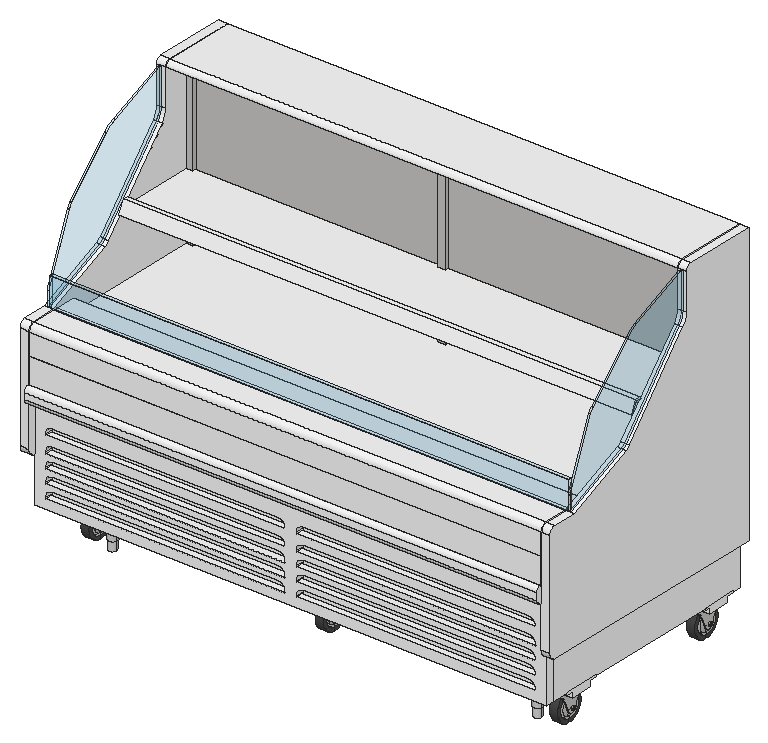
Revit family "QF_EVEREST_EOMH-72-_-35-T_cat", category Specialty Equipment, Revit 2016
Family settings
  Part Type = Normal
  Round Connector Dimension = Use Diameter
  Work Plane-Based = No
  Always vertical = Yes
  Cut with Voids When Loaded = No
  Shared = No
  Room Calculation Point = No
Parameters (values of type "EOMH-36-B-35-T")
  Weight in Pounds = 0
  Watts = if(Phase = 3, Volts * FL Amps * 1.73, Volts * FL Amps)  # 1518 W
  Volts = 115 V
  URL Cutsheet = ""
  Specification by User = ""
  Specification by Manufacturer = ""
  Serial Number = ""
  Seismic Rating = ""
  SMACNA No = ""
  Revision Code = ""
  Refrigerant Volume = 0.00 kip
  Refrigerant Type = "R290"
  Phase = 1
  Number of Poles = 1
  NAFEM Spec ID Number = ""
  Model = "EOMH-36-B-35-T"
  Min Ckt Ampacity = 0 A
  Max Overcurrent Protection = 0 A
  Materials and Finishes = QF_Plastic - White - Smooth
  Masterspec = ""
  Manufacturer = "EVEREST"
  Length = 73 1/4"
  Item Number = ""
  Installed By = ""
  Identify Quantity as Lot = yes
  Height = 51"
  HP = "3/4 x 2"
  Furnished By = ""
  Foodservice Equipment Identifier = yes
  FL Amps = 13.2 A
  Electrical Remarks = ""
  Electric Connection Type = ""
  Elec Conn RI Height = 0"
  Elec Conn Connection Height = 0"
  Description = "OPEN AIR MERCHANDISERS"
  Depth = 34 1/4"
  Cycle = 60 Hz
  Conn Plug = ""
  Conn Conduit = yes
  CSI MasterFormat = ""
  BTUH = 0.0 Btu/h
  Apparent Power = if(Phase = 3, Volts * FL Amps * 1.73, Volts * FL Amps)  # 1518 VA
Types (2): name | Watts | Model | Length | HP | FL Amps | Depth | Apparent Power
  EOMH-36-B-35-T | 1518 W | "EOMH-36-B-35-T" | 73 1/4" | "3/4 x 2" | 13.2 A | 34 1/4" | 1518 VA
  EOMH-36-W-35-T | 808.45 W | "EOMH-36-W-35-T" | 37 1/4" | "1/2" | 7.03 A | 35" | 808.45 VA
Reference planes (in)
  plane 1 "BACK": y = 0
  plane 2: z = 0
  plane 3 "LEFT": x = 0
  plane 4 "RIGHT": x = 73.25
  plane 5 "FRONT": y = -35
  plane 6 "TOP": z = 51
  plane 7 "Center Y": x = 36.625
  plane 8 "Center X": y = -17.5
  plane 9: z = 5
  plane 10: z = 28.75
  plane 11: z = 27
  plane 12: z = 35.25
  plane 13: z = 36.25
  plane 14: z = 45.25
  plane 15: x = 4.24624
  plane 16: x = 69.00376
Forms (in)
  Extrusion 1, solid, material "QF_Plastic - White - Smooth" <- "Materials and Finishes"
    sketch origin (0, 0, 0) x (0, 1, 0) y (0, 0, 1)
      loop
        line (-34.25, 27.89222) -> (-34.25, 13.267)
        arc (-34.25, 13.267) -> (-33.95711, 12.55989) -> (-33.25, 12.267) r 1
        line (-33.25, 12.267) -> (0, 12.267) -> (0, 51) -> (-9.89202, 51)
        arc (-9.89202, 51) -> (-10.42235, 50.78033) -> (-10.64202, 50.25) r 0.75
        line (-10.64202, 50.25) -> (-10.64202, 45.20626)
        arc (-10.64202, 45.20626) -> (-10.79628, 44.3532) -> (-11.23952, 43.60818) r 2.43588
        line (-11.23952, 43.60818) -> (-20.42309, 33.04369)
        arc (-20.42309, 33.04369) -> (-20.69654, 32.79238) -> (-21.01898, 32.60807) r 1.66181
        line (-21.01898, 32.60807) -> (-29.96169, 28.75) -> (-33.39222, 28.75)
        arc (-33.39222, 28.75) -> (-33.99876, 28.49876) -> (-34.25, 27.89222) r 0.85778
    from 0 to 1.22604
  Extrusion 2, solid, material "QF_Plastic - White - Smooth" <- "Materials and Finishes"
    sketch origin (0, 0, 0) x (0, 1, 0) y (0, 0, 1)
      loop
        line (0, 51) -> (-9.89202, 51)
        arc (-9.89202, 51) -> (-10.42235, 50.78033) -> (-10.64202, 50.25) r 0.75
        line (-10.64202, 50.25) -> (-6.69601, 50.25) -> (-6.69601, 24.89515) -> (-33.25, 24.89515) -> (-33.25, 21.29979) -> (-34.35184, 21.29979)
        arc (-34.35184, 21.29979) -> (-34.81016, 21.10995) -> (-35, 20.65164) r 0.64816
        line (-35, 20.65164) -> (-35, 19.73115)
        arc (-35, 19.73115) -> (-34.82789, 19.31565) -> (-34.41239, 19.14354) r 0.58761
        line (-34.41239, 19.14354) -> (-33.25, 19.14354) -> (-32.25, 19.14354) -> (-32.25, 6.017) -> (0, 6.017) -> (0, 51)
    from 1.22604 to 72.02396
  Extrusion 3, solid, material "QF_Plastic - White - Smooth" <- "Materials and Finishes"
    sketch origin (0, -32.25, 6.017) x (0, 0, 1) y (-1, 0, 0)
      loop
        line (13.12655, -1.22604) -> (0, -1.22604) -> (0, -72.02396) -> (13.12655, -72.02396) -> (13.12655, -1.22604)
      loop
        line (10.31385, -69.45901) -> (10.31385, -38.39651)
        arc (10.31385, -38.39651) -> (10.02095, -37.6894) -> (9.31385, -37.39651) r 1
        line (9.31385, -37.39651) -> (9.12635, -37.39651) -> (9.12635, -70.45901) -> (9.31385, -70.45901)
        arc (9.31385, -70.45901) -> (10.02095, -70.16611) -> (10.31385, -69.45901) r 1
      loop
        line (8.06385, -69.45901) -> (8.06385, -38.39651)
        arc (8.06385, -38.39651) -> (7.77095, -37.6894) -> (7.06385, -37.39651) r 1
        line (7.06385, -37.39651) -> (6.87635, -37.39651) -> (6.87635, -70.45901) -> (7.06385, -70.45901)
        arc (7.06385, -70.45901) -> (7.77095, -70.16611) -> (8.06385, -69.45901) r 1
      loop
        line (6.19272, -69.45901) -> (6.19272, -38.39651)
        arc (6.19272, -38.39651) -> (5.89982, -37.6894) -> (5.19272, -37.39651) r 1
        line (5.19272, -37.39651) -> (5.00522, -37.39651) -> (5.00522, -70.45901) -> (5.19272, -70.45901)
        arc (5.19272, -70.45901) -> (5.89982, -70.16611) -> (6.19272, -69.45901) r 1
      loop
        line (4.32159, -69.45901) -> (4.32159, -38.39651)
        arc (4.32159, -38.39651) -> (4.02869, -37.6894) -> (3.32159, -37.39651) r 1
        line (3.32159, -37.39651) -> (3.13409, -37.39651) -> (3.13409, -70.45901) -> (3.32159, -70.45901)
        arc (3.32159, -70.45901) -> (4.02869, -70.16611) -> (4.32159, -69.45901) r 1
      loop
        line (2.45046, -69.45901) -> (2.45046, -38.39651)
        arc (2.45046, -38.39651) -> (2.15757, -37.6894) -> (1.45046, -37.39651) r 1
        line (1.45046, -37.39651) -> (1.26296, -37.39651) -> (1.26296, -70.45901) -> (1.45046, -70.45901)
        arc (1.45046, -70.45901) -> (2.15757, -70.16611) -> (2.45046, -69.45901) r 1
      loop
        arc (10.31385, -3.79099) -> (10.02095, -3.08389) -> (9.31385, -2.79099) r 1
        line (9.31385, -2.79099) -> (9.12635, -2.79099) -> (9.12635, -35.85349) -> (9.31385, -35.85349)
        arc (9.31385, -35.85349) -> (10.02095, -35.5606) -> (10.31385, -34.85349) r 1
        line (10.31385, -34.85349) -> (10.31385, -3.79099)
      loop
        arc (8.06385, -3.79099) -> (7.77095, -3.08389) -> (7.06385, -2.79099) r 1
        line (7.06385, -2.79099) -> (6.87635, -2.79099) -> (6.87635, -35.85349) -> (7.06385, -35.85349)
        arc (7.06385, -35.85349) -> (7.77095, -35.5606) -> (8.06385, -34.85349) r 1
        line (8.06385, -34.85349) -> (8.06385, -3.79099)
      loop
        arc (6.19272, -3.79099) -> (5.89982, -3.08389) -> (5.19272, -2.79099) r 1
        line (5.19272, -2.79099) -> (5.00522, -2.79099) -> (5.00522, -35.85349) -> (5.19272, -35.85349)
        arc (5.19272, -35.85349) -> (5.89982, -35.5606) -> (6.19272, -34.85349) r 1
        line (6.19272, -34.85349) -> (6.19272, -3.79099)
      loop
        arc (4.32159, -3.79099) -> (4.02869, -3.08389) -> (3.32159, -2.79099) r 1
        line (3.32159, -2.79099) -> (3.13409, -2.79099) -> (3.13409, -35.85349) -> (3.32159, -35.85349)
        arc (3.32159, -35.85349) -> (4.02869, -35.5606) -> (4.32159, -34.85349) r 1
        line (4.32159, -34.85349) -> (4.32159, -3.79099)
      loop
        arc (2.45046, -3.79099) -> (2.15757, -3.08389) -> (1.45046, -2.79099) r 1
        line (1.45046, -2.79099) -> (1.26296, -2.79099) -> (1.26296, -35.85349) -> (1.45046, -35.85349)
        arc (1.45046, -35.85349) -> (2.15757, -35.5606) -> (2.45046, -34.85349) r 1
        line (2.45046, -34.85349) -> (2.45046, -3.79099)
    from 0 to 1.03984
  Extrusion 4, solid, material "QF_Plastic - White - Smooth" <- "Materials and Finishes"
    sketch origin (1.22604, 0, 0) x (0, 1, 0) y (0, 0, 1)
      loop
        line (-33.25, 21.29979) -> (-33.25, 24.89515) -> (-34.25, 24.89515) -> (-34.25, 21.29979) -> (-33.25, 21.29979)
    from 0 to 70.79793
  Extrusion 5, solid, material "QF_Plastic - White - Smooth" <- "Materials and Finishes"
    sketch origin (1.22604, 0, -1.12184) x (0, 1, 0) y (0, 0, 1)
      loop
        line (-30, 29.87184) -> (-30, 26.017) -> (-6.69601, 26.017) -> (-6.69601, 28.12184) -> (-26.69601, 28.12184) -> (-26.69601, 29.87184) -> (-30, 29.87184)
    from 0 to 70.79793
  Extrusion 6, solid, material "QF_Plastic - White - Smooth"
    sketch origin (0, 0, 0) x (0, 1, 0) y (0, 0, 1)
      loop
        line (-16.69601, 36.25) -> (-17.19601, 37.11603) -> (-17.94601, 37.11603) -> (-18.68559, 35.52999) -> (-18.54767, 35.52999) -> (-17.86637, 36.99103) -> (-17.26818, 36.99103) -> (-16.69601, 36) -> (-16.69601, 35.25) -> (-6.69601, 35.25) -> (-6.69601, 36.25) -> (-16.69601, 36.25)
    from 1.22604 to 72.02396
  Extrusion 7, solid, material "QF_Plastic - White - Smooth" <- "Materials and Finishes"
    sketch origin (0, 0, 0) x (0, 1, 0) y (0, 0, 1)
      loop
        line (-29.89975, 6.017) -> (-29.89975, 5.767) -> (-28.83868, 5.767) -> (-28.83868, 5) -> (-25.83868, 5) -> (-25.83868, 5.767) -> (-24.79418, 5.767) -> (-24.79418, 6.017) -> (-29.89975, 6.017)
      loop
        line (-6.20569, 6.017) -> (-6.20569, 5.767) -> (-5.14462, 5.767) -> (-5.14462, 5) -> (-2.14462, 5) -> (-2.14462, 5.767) -> (-1.10012, 5.767) -> (-1.10012, 6.017) -> (-6.20569, 6.017)
    from 1.22604 to 72.02396
  Extrusion 8, solid, material "QF_Plastic - White - Smooth" <- "Materials and Finishes"
    sketch origin (1.22604, 0, -1.12184) x (0, 1, 0) y (0, 0, 1)
      loop
        arc (-33.39222, 29.87184) -> (-33.99876, 29.6206) -> (-34.25, 29.01406) r 0.85778
        line (-34.25, 29.01406) -> (-34.25, 26.017) -> (-30, 26.017) -> (-30, 29.87184) -> (-33.39222, 29.87184)
    from 0 to 70.79793
  Extrusion 9, solid, material "Glass"
    sketch origin (1.22604, 0, 0) x (0, 1, 0) y (0, 0, 1)
      loop
        line (-20.67142, 32.75801) -> (-11.23952, 43.60818)
        arc (-11.23952, 43.60818) -> (-10.79628, 44.3532) -> (-10.64202, 45.20626) r 2.43588
        line (-10.64202, 45.20626) -> (-10.64202, 50.25) -> (-11.07885, 50.25) -> (-18.68994, 47.10232)
        arc (-18.68994, 47.10232) -> (-19.4692, 46.68621) -> (-20.15215, 46.12589) r 4.5
        line (-20.15215, 46.12589) -> (-26.2043, 40.07374)
        arc (-26.2043, 40.07374) -> (-26.44816, 39.77791) -> (-26.6311, 39.44099) r 2
        line (-26.6311, 39.44099) -> (-29.92864, 31.67247)
        arc (-29.92864, 31.67247) -> (-30.05184, 31.2757) -> (-30.09346, 30.86234) r 2.07337
        line (-30.09346, 30.86234) -> (-30.09346, 28.75) -> (-29.96169, 28.75) -> (-20.67142, 32.75801)
    from -0.51714 to -0.7699
  Extrusion 10, solid, material "QF_Plastic - White - Smooth" <- "Materials and Finishes"
    sketch origin (73.25, 0, 0) x (0, -1, 0) y (0, 0, 1)
      loop
        arc (34.25, 27.89222) -> (33.99876, 28.49876) -> (33.39222, 28.75) r 0.85778
        line (33.39222, 28.75) -> (29.96169, 28.75) -> (21.01898, 32.60807)
        arc (21.01898, 32.60807) -> (20.69654, 32.79238) -> (20.42309, 33.04369) r 1.66181
        line (20.42309, 33.04369) -> (11.23952, 43.60818)
        arc (11.23952, 43.60818) -> (10.79628, 44.3532) -> (10.64202, 45.20626) r 2.43588
        line (10.64202, 45.20626) -> (10.64202, 50.25)
        arc (10.64202, 50.25) -> (10.42235, 50.78033) -> (9.89202, 51) r 0.75
        line (9.89202, 51) -> (0, 51) -> (0, 12.267) -> (33.25, 12.267)
        arc (33.25, 12.267) -> (33.95711, 12.55989) -> (34.25, 13.267) r 1
        line (34.25, 13.267) -> (34.25, 27.89222)
    from 0 to 1.22604
  Extrusion 11, solid, material "QF_Metal - Stainless - Polished"
    sketch origin (0, -6.69601, 80.69493) x (0, 0, -1) y (1, 0, 0)
      loop
        line (30.44493, 1.22604) -> (44.44493, 1.22604) -> (44.44493, 2.22604) -> (30.44493, 2.22604) -> (30.44493, 1.22604)
      loop
        line (45.44493, 1.22604) -> (55.79977, 1.22604) -> (55.79977, 2.22604) -> (45.44493, 2.22604) -> (45.44493, 1.22604)
      loop
        line (30.44493, 37.125) -> (30.44493, 36.125) -> (44.44493, 36.125) -> (44.44493, 37.125) -> (30.44493, 37.125)
      loop
        line (45.44493, 37.125) -> (45.44493, 36.125) -> (55.79977, 36.125) -> (55.79977, 37.125) -> (45.44493, 37.125)
      loop
        line (30.44493, 72.02396) -> (30.44493, 71.02396) -> (44.44493, 71.02396) -> (44.44493, 72.02396) -> (30.44493, 72.02396)
      loop
        line (45.44493, 72.02396) -> (45.44493, 71.02396) -> (55.79977, 71.02396) -> (55.79977, 72.02396) -> (45.44493, 72.02396)
    from 0 to 0.5
  Extrusion 12, solid, material "Glass"
    sketch origin (72.02396, 0, 0) x (0, 1, 0) y (0, 0, -1)
      loop
        line (-20.67142, -32.75801) -> (-29.96169, -28.75) -> (-30.09346, -28.75) -> (-30.09346, -30.86234)
        arc (-30.09346, -30.86234) -> (-30.05184, -31.2757) -> (-29.92864, -31.67247) r 2.07337
        line (-29.92864, -31.67247) -> (-26.6311, -39.44099)
        arc (-26.6311, -39.44099) -> (-26.44816, -39.77791) -> (-26.2043, -40.07374) r 2
        line (-26.2043, -40.07374) -> (-20.15215, -46.12589)
        arc (-20.15215, -46.12589) -> (-19.4692, -46.68621) -> (-18.68994, -47.10232) r 4.5
        line (-18.68994, -47.10232) -> (-11.07885, -50.25) -> (-10.64202, -50.25) -> (-10.64202, -45.20626)
        arc (-10.64202, -45.20626) -> (-10.79628, -44.3532) -> (-11.23952, -43.60818) r 2.43588
        line (-11.23952, -43.60818) -> (-20.67142, -32.75801)
    from -0.51714 to -0.7699
  Extrusion 13, solid, material "QF_Metal - Stainless - Polished"
    sketch origin (-0.3125, 0.75, 0) x (1, 0, 0) y (0, 1, 0)
      loop
        line (17.93111, 0.25) -> (17.62982, -0.625) -> (17.14606, -0.625) -> (17.08777, -0.75) -> (17.71898, -0.75) -> (18.02027, 0.125) -> (19.22973, 0.125) -> (19.53102, -0.75) -> (20.16223, -0.75) -> (20.10394, -0.625) -> (19.62018, -0.625) -> (19.31889, 0.25) -> (17.93111, 0.25)
    from 30.20553 to 31.45625
  Extrusion 14, solid, material "Glass"
    sketch origin (0.7089, 0, 0) x (0, 1, 0) y (0, 0, 1)
      loop
        line (-30.09346, 28.75) -> (-29.59346, 28.75) -> (-29.59346, 32.75) -> (-30.09346, 32.75) -> (-30.09346, 28.75)
    from 0 to 71.83221
  Extrusion 15, solid, material "QF_Metal - Stainless - Polished"
    sketch origin (73.5625, 0.75, 0) x (-1, 0, 0) y (0, -1, 0)
      loop
        line (17.93111, -0.25) -> (19.31889, -0.25) -> (19.62018, 0.625) -> (20.10394, 0.625) -> (20.16223, 0.75) -> (19.53102, 0.75) -> (19.22973, -0.125) -> (18.02027, -0.125) -> (17.71898, 0.75) -> (17.08777, 0.75) -> (17.14606, 0.625) -> (17.62982, 0.625) -> (17.93111, -0.25)
    from 30.20553 to 31.45625
Lines and regions (in)
  symbolic lines
    curve 1: line (0, -34.25, 0) -> (73.25, -34.25, 0)
    curve 2: line (0, 0, 0) -> (0, -34.25, 0)
    curve 3: line (73.25, 0, 0) -> (0, 0, 0)
    curve 4: line (73.25, -34.25, 0) -> (73.25, 0, 0)
    curve 5: line (1.22604, -35, 0) -> (1.22604, -34.25, 0)
    curve 6: line (1.22604, -35, 0) -> (72.02396, -35, 0)
    curve 7: line (72.02396, -35, 0) -> (72.02396, -34.25, 0)
    curve 8: line (1.22604, 0, 0) -> (1.22604, -34.25, 0)
    curve 9: line (72.02396, 0, 0) -> (72.02396, -34.25, 0)
    curve 10: line (0.45614, -30.09346, 0) -> (0.7089, -30.09346, 0)
    curve 11: line (0.7089, -30.09346, 0) -> (0.7089, -10.64202, 0)
    curve 12: line (0.45614, -30.09346, 0) -> (0.45614, -10.64202, 0)
    curve 13: line (0, -10.64202, 0) -> (73.25, -10.64202, 0)
    curve 14: line (72.5411, -30.09346, 0) -> (72.5411, -10.64202, 0)
    curve 15: line (72.5411, -30.09346, 0) -> (72.79386, -30.09346, 0)
    curve 16: line (72.79386, -30.09346, 0) -> (72.79386, -10.64202, 0)
    curve 17: line (1.22604, -24.75, 0) -> (72.02396, -24.75, 0)
    curve 18: line (19.00639, 1, 0) -> (17.61861, 1, 0)
    curve 19: line (16.83356, 0.125, 0) -> (16.77527, 0, 0)
    curve 20: line (19.30768, 0.125, 0) -> (19.00639, 1, 0)
    curve 21: line (19.79144, 0.125, 0) -> (19.30768, 0.125, 0)
    curve 22: line (19.84973, 0, 0) -> (19.79144, 0.125, 0)
    curve 23: line (18.91723, 0.875, 0) -> (19.21852, 0, 0)
    curve 24: line (17.70777, 0.875, 0) -> (18.91723, 0.875, 0)
    curve 25: line (17.40648, 0, 0) -> (17.70777, 0.875, 0)
    curve 26: line (17.61861, 1, 0) -> (17.31732, 0.125, 0)
    curve 27: line (17.31732, 0.125, 0) -> (16.83356, 0.125, 0)
    curve 28: line (54.24361, 1, 0) -> (55.63139, 1, 0)
    curve 29: line (56.41644, 0.125, 0) -> (56.47473, 0, 0)
    curve 30: line (53.94232, 0.125, 0) -> (54.24361, 1, 0)
    curve 31: line (53.45856, 0.125, 0) -> (53.94232, 0.125, 0)
    curve 32: line (53.40027, 0, 0) -> (53.45856, 0.125, 0)
    curve 33: line (54.33277, 0.875, 0) -> (54.03148, 0, 0)
    curve 34: line (55.54223, 0.875, 0) -> (54.33277, 0.875, 0)
    curve 35: line (55.84352, 0, 0) -> (55.54223, 0.875, 0)
    curve 36: line (55.63139, 1, 0) -> (55.93268, 0.125, 0)
    curve 37: line (55.93268, 0.125, 0) -> (56.41644, 0.125, 0)
Dimensions and locks (in)
  equal spacing: plane 3 "LEFT", plane 7 "Center Y", plane 4 "RIGHT"
  "Length": plane 3 "LEFT" to plane 4 "RIGHT"
  equal spacing: plane 5 "FRONT", plane 8 "Center X", plane 1 "BACK"
  plane 5 "FRONT" to plane 1 "BACK" = 35"  (x2)
  "Height": plane 6 "TOP" to level
  plane 9 to plane 2 = 5"
  plane 6 "TOP" to plane 9 = 46"
  "Depth": curve 1 to plane 1 "BACK"
  plane 10 to plane 2 = 28 3/4"
  Extrusion 5 to Extrusion 11 = 20"
  Extrusion 6 to Extrusion 5 = 8 1/4"
  plane 13 to plane 14 = 9"
  Extrusion 6 to Extrusion 6 = 10"
  aligned and locked: plane 2 to level
Automatic sketch dimensions
  curve 13 to plane 3 "LEFT" = 0"
  plane 5 "FRONT" to curve 6 = 0"
  plane 1 "BACK" to curve 8 = 0"
  curve 4 to plane 4 "RIGHT" = 0"
  plane 3 "LEFT" to curve 12 = 0.45614"
  curve 10 to curve 11 = 0.25276"
  plane 3 "LEFT" to curve 6 = 1.22604"
  curve 27 to plane 1 "BACK" = 1/8"
  plane 15 to curve 27 = 12.58732"
  curve 19 to curve 27 = 0.48376"
  curve 26 to curve 18 = 0.30129"
  curve 18 to curve 24 = 0.08916"
  curve 23 to plane 1 "BACK" = 7/8"
  curve 24 to curve 23 = 1.20946"
  curve 20 to plane 1 "BACK" = 1"
  curve 23 to curve 20 = 0.08916"  (x2)
  curve 21 to plane 1 "BACK" = 1/8"
  curve 23 to curve 21 = 0.39045"
  curve 20 to curve 21 = 0.48376"
  curve 31 to plane 1 "BACK" = 1/8"
  plane 16 to curve 31 = 15.5452"
  curve 31 to curve 31 = 0.48376"
  curve 30 to plane 1 "BACK" = 1"
  curve 30 to curve 30 = 0.30129"
  curve 33 to plane 1 "BACK" = 7/8"
  curve 28 to curve 33 = 0.08916"
  curve 33 to curve 34 = 1.20946"
  curve 34 to curve 36 = 0.08916"
  curve 36 to plane 1 "BACK" = 1/8"
  curve 34 to curve 36 = 0.39045"
  curve 36 to curve 29 = 0.48376"
  plane 4 "RIGHT" to curve 6 = 1.22604"
  plane 4 "RIGHT" to curve 14 = 0.7089"
  curve 14 to curve 15 = 0.25276"
  curve 1 to curve 15 = 4.15654"
  curve 1 to curve 12 = 4.15654"
  plane 3 "LEFT" to curve 8 = 1.22604"
  curve 19 to curve 19 = 0.05829"
  curve 26 to curve 25 = 0.08916"
  curve 21 to curve 22 = 0.05829"
  curve 32 to curve 31 = 0.05829"
  curve 30 to curve 33 = 0.08916"
  curve 35 to curve 36 = 0.08916"
  curve 29 to curve 29 = 0.05829"
  plane 4 "RIGHT" to curve 9 = 1.22604"
  curve 10 to curve 17 = 5.34346"
  plane 8 "Center X" to curve 11 = 6.85798"
  Extrusion 1 sketch curve to plane 10 = 0"
  Extrusion 1 sketch curve to plane 6 "TOP" = 0"
  Extrusion 1 sketch curve to plane 1 "BACK" = 0"
  plane 8 "Center X" to Extrusion 1 sketch curve = 7.60798"
  Extrusion 1 sketch curve to plane 6 "TOP" = 3/4"
  plane 14 to Extrusion 1 sketch curve = 1.64182"
  Extrusion 1 sketch curve to Extrusion 1 sketch curve = 0.5975"
  plane 14 to Extrusion 1 sketch curve = 0.04374"
  Extrusion 1 sketch curve to plane 8 "Center X" = 2.92309"
  Extrusion 1 sketch curve to Extrusion 1 sketch curve = 0.59589"
  Extrusion 1 sketch curve to Extrusion 1 sketch curve = 1.25418"
  Extrusion 1 sketch curve to plane 5 "FRONT" = 5.03831"
  Extrusion 1 sketch curve to plane 5 "FRONT" = 1 3/4"
  Extrusion 1 sketch curve to plane 5 "FRONT" = 1.60778"
  Extrusion 1 sketch curve to plane 5 "FRONT" = 3/4"
  plane 9 to Extrusion 1 sketch curve = 8.267"
  plane 12 to Extrusion 1 sketch curve = 2.64193"
  Extrusion 1 sketch curve to Extrusion 1 sketch curve = 0.43562"
  Extrusion 2 sketch curve to plane 5 "FRONT" = 0"
  Extrusion 2 sketch curve to plane 6 "TOP" = 0"
  Extrusion 2 sketch curve to plane 1 "BACK" = 0"
  Extrusion 2 sketch curve to plane 5 "FRONT" = 0.58761"
  Extrusion 2 sketch curve to plane 5 "FRONT" = 0.64816"
  Extrusion 2 sketch curve to Extrusion 2 sketch curve = 1.16239"
  Extrusion 2 sketch curve to Extrusion 2 sketch curve = 1.10184"
  Extrusion 2 sketch curve to Extrusion 2 sketch curve = 1"
  Extrusion 2 sketch curve to plane 6 "TOP" = 3/4"
  plane 8 "Center X" to Extrusion 2 sketch curve = 6.85798"
  Extrusion 2 sketch curve to Extrusion 2 sketch curve = 3.19601"
  plane 11 to Extrusion 2 sketch curve = 2.10485"
  Extrusion 2 sketch curve to Extrusion 2 sketch curve = 3.59536"
  Extrusion 2 sketch curve to Extrusion 2 sketch curve = 0.92048"
  plane 9 to Extrusion 2 sketch curve = 1.017"
  Extrusion 3 sketch curve to Extrusion 2 = 0"  (x4)
  Extrusion 2 to Extrusion 3 sketch curve = 1.26296"  (x2)
  Extrusion 3 sketch curve to Extrusion 3 sketch curve = 3/16"  (x13)
  Extrusion 3 sketch curve to Extrusion 3 sketch curve = 1"  (x16)
  Extrusion 3 sketch curve to Extrusion 3 sketch curve = 0.68363"  (x6)
  Extrusion 3 sketch curve to Extrusion 3 sketch curve = 0.87113"  (x7)
  Extrusion 3 sketch curve to Extrusion 3 sketch curve = 1 1/16"  (x2)
  Extrusion 2 to Extrusion 3 sketch curve = 1.56496"  (x2)
  Extrusion 3 sketch curve to Extrusion 3 sketch curve = 31 1/16"
  Extrusion 3 sketch curve to Extrusion 3 sketch curve = 0"  (x7)
  Extrusion 3 sketch curve to Extrusion 3 sketch curve = 1.54301"  (x2)
  Extrusion 2 to Extrusion 3 sketch curve = 2.56496"  (x2)
  Extrusion 4 sketch curve to Extrusion 1 = 0"
  Extrusion 4 sketch curve to Extrusion 4 sketch curve = 1"
  Extrusion 4 sketch curve to Extrusion 1 = 7.45021"
  Extrusion 4 sketch curve to Extrusion 4 sketch curve = 3.59536"
  Extrusion 5 sketch curve to Extrusion 1 = 0"
  Extrusion 5 sketch curve to Extrusion 1 = 4 1/4"
  Extrusion 5 sketch curve to Extrusion 5 sketch curve = 3.30399"
  Extrusion 5 sketch curve to Extrusion 1 = 1 3/4"
  Extrusion 5 sketch curve to Extrusion 1 = 3.94601"
  Extrusion 5 sketch curve to Extrusion 5 sketch curve = 2.10485"
  plane 12 to Extrusion 6 sketch curve = 0"
  plane 13 to Extrusion 6 sketch curve = 0"
  Extrusion 6 sketch curve to plane 12 = 0.27999"
  Extrusion 6 sketch curve to plane 8 "Center X" = 1.18559"
  Extrusion 6 sketch curve to Extrusion 6 sketch curve = 0.13792"
  Extrusion 6 sketch curve to plane 8 "Center X" = 0.44601"
  Extrusion 6 sketch curve to Extrusion 6 sketch curve = 0.07963"
  plane 8 "Center X" to Extrusion 6 sketch curve = 0.23182"
  Extrusion 6 sketch curve to Extrusion 6 sketch curve = 0.07217"
  plane 8 "Center X" to Extrusion 6 sketch curve = 0.80399"
  Extrusion 6 sketch curve to Extrusion 6 sketch curve = 0"
  plane 1 "BACK" to Extrusion 6 sketch curve = 6.69601"
  Extrusion 6 sketch curve to Extrusion 6 sketch curve = 1/4"
  Extrusion 6 sketch curve to plane 13 = 0.74103"
  Extrusion 6 sketch curve to Extrusion 6 sketch curve = 1/8"
  Extrusion 7 sketch curve to plane 9 = 0"  (x2)
  plane 9 to Extrusion 7 sketch curve = 1.017"  (x2)
  Extrusion 7 sketch curve to plane 5 "FRONT" = 5.10025"
  Extrusion 7 sketch curve to Extrusion 7 sketch curve = 1.06106"  (x2)
  Extrusion 7 sketch curve to Extrusion 7 sketch curve = 3"
  Extrusion 7 sketch curve to Extrusion 7 sketch curve = 1.0445"  (x2)
  plane 1 "BACK" to Extrusion 7 sketch curve = 6.20569"
  plane 1 "BACK" to Extrusion 7 sketch curve = 2.14462"
  Extrusion 7 sketch curve to Extrusion 7 sketch curve = 0.767"  (x3)
  Extrusion 7 sketch curve to Extrusion 7 sketch curve = 1/4"
  Extrusion 8 sketch curve to Extrusion 1 = 4 1/4"
  Extrusion 8 sketch curve to Extrusion 8 sketch curve = 2.99706"
  Extrusion 9 sketch curve to Extrusion 1 = 0"  (x3)
  Extrusion 1 to Extrusion 9 sketch curve = 0"
  Extrusion 9 sketch curve to Extrusion 9 sketch curve = 0.13177"
  Extrusion 1 to Extrusion 9 sketch curve = 2.92247"
  Extrusion 9 sketch curve to Extrusion 9 sketch curve = 0.16482"
  Extrusion 9 sketch curve to Extrusion 9 sketch curve = 1.90855"
  Extrusion 9 sketch curve to Extrusion 1 = 7.6189"
  Extrusion 9 sketch curve to Extrusion 9 sketch curve = 0.4268"
  Extrusion 9 sketch curve to Extrusion 9 sketch curve = 1.41421"
  Extrusion 9 sketch curve to Extrusion 9 sketch curve = 7.07425"
  Extrusion 9 sketch curve to Extrusion 1 = 3.89768"
  Extrusion 9 sketch curve to Extrusion 9 sketch curve = 1.46221"
  Extrusion 9 sketch curve to Extrusion 9 sketch curve = 3.18198"
  Extrusion 1 to Extrusion 9 sketch curve = 0.5975"
  Extrusion 1 to Extrusion 9 sketch curve = 0.43683"
  Extrusion 9 sketch curve to Extrusion 9 sketch curve = 5.90151"
  Extrusion 9 sketch curve to Extrusion 9 sketch curve = 0.78146"
  Extrusion 9 sketch curve to Extrusion 9 sketch curve = 4.15841"
  Extrusion 9 sketch curve to Extrusion 1 = 3/4"
  Extrusion 10 sketch curve to plane 1 "BACK" = 0"
  Extrusion 10 sketch curve to plane 6 "TOP" = 0"
  Extrusion 10 sketch curve to plane 10 = 0"
  plane 8 "Center X" to Extrusion 10 sketch curve = 7.60798"
  Extrusion 10 sketch curve to plane 6 "TOP" = 3/4"
  plane 14 to Extrusion 10 sketch curve = 1.64182"
  Extrusion 10 sketch curve to Extrusion 10 sketch curve = 0.5975"
  plane 14 to Extrusion 10 sketch curve = 0.04374"
  Extrusion 10 sketch curve to plane 8 "Center X" = 2.92309"
  Extrusion 10 sketch curve to Extrusion 10 sketch curve = 0.59589"
  Extrusion 10 sketch curve to Extrusion 10 sketch curve = 0.65829"
  Extrusion 10 sketch curve to plane 5 "FRONT" = 5.03831"
  Extrusion 10 sketch curve to plane 5 "FRONT" = 1 3/4"
  Extrusion 10 sketch curve to plane 5 "FRONT" = 1.60778"
  Extrusion 10 sketch curve to plane 5 "FRONT" = 3/4"
  plane 9 to Extrusion 10 sketch curve = 8.267"
  plane 12 to Extrusion 10 sketch curve = 2.64193"
  Extrusion 10 sketch curve to Extrusion 10 sketch curve = 0.43562"
  Extrusion 11 sketch curve to plane 13 = 0"  (x3)
  Extrusion 11 sketch curve to plane 12 = 0"  (x3)
  Extrusion 11 sketch curve to plane 6 "TOP" = 3/4"  (x3)
  Extrusion 11 sketch curve to plane 7 "Center Y" = 1/2"  (x2)
  plane 11 to Extrusion 11 sketch curve = 2.10485"  (x3)
  Extrusion 11 sketch curve to plane 15 = 2.0202"  (x2)
  Extrusion 11 sketch curve to Extrusion 11 sketch curve = 1"  (x3)
  Extrusion 11 sketch curve to Extrusion 11 sketch curve = 0"
  plane 7 "Center Y" to Extrusion 11 sketch curve = 1/2"  (x2)
  Extrusion 11 sketch curve to plane 16 = 2.0202"  (x2)
  Extrusion 12 sketch curve to plane 10 = 0"
  Extrusion 12 sketch curve to plane 5 "FRONT" = 4.90654"
  Extrusion 12 sketch curve to Extrusion 12 sketch curve = 0.13177"
  plane 10 to Extrusion 12 sketch curve = 2.92247"
  Extrusion 12 sketch curve to Extrusion 12 sketch curve = 0.16482"
  Extrusion 12 sketch curve to Extrusion 12 sketch curve = 2.07337"
  Extrusion 12 sketch curve to plane 13 = 3.19099"
  Extrusion 12 sketch curve to plane 5 "FRONT" = 8.3689"
  Extrusion 12 sketch curve to plane 13 = 3.82374"
  Extrusion 12 sketch curve to Extrusion 12 sketch curve = 0.4268"
  Extrusion 12 sketch curve to Extrusion 12 sketch curve = 1.84101"
  Extrusion 12 sketch curve to plane 8 "Center X" = 3.17142"
  Extrusion 12 sketch curve to plane 14 = 0.87589"
  Extrusion 12 sketch curve to plane 8 "Center X" = 2.65215"
  Extrusion 12 sketch curve to plane 8 "Center X" = 1.18994"
  plane 8 "Center X" to Extrusion 12 sketch curve = 0.52983"
  plane 14 to Extrusion 12 sketch curve = 0.04374"
  plane 8 "Center X" to Extrusion 12 sketch curve = 4.4221"
  plane 14 to Extrusion 12 sketch curve = 1.64182"
  Extrusion 12 sketch curve to Extrusion 12 sketch curve = 1.83838"
  Extrusion 12 sketch curve to Extrusion 12 sketch curve = 0.43683"
  Extrusion 12 sketch curve to Extrusion 12 sketch curve = 0.97643"
  Extrusion 12 sketch curve to plane 6 "TOP" = 3/4"
  plane 12 to Extrusion 12 sketch curve = 2.49199"
  plane 1 "BACK" to Extrusion 13 sketch curve = 0"  (x2)
  plane 15 to Extrusion 13 sketch curve = 12.52903"
  Extrusion 13 sketch curve to plane 1 "BACK" = 1/8"  (x2)
  Extrusion 13 sketch curve to Extrusion 13 sketch curve = 0.05829"  (x2)
  Extrusion 13 sketch curve to Extrusion 13 sketch curve = 0.48376"  (x2)
  Extrusion 13 sketch curve to Extrusion 13 sketch curve = 0.08916"  (x4)
  Extrusion 13 sketch curve to plane 1 "BACK" = 1"
  Extrusion 13 sketch curve to Extrusion 13 sketch curve = 0.30129"  (x2)
  Extrusion 13 sketch curve to plane 1 "BACK" = 7/8"
  Extrusion 13 sketch curve to Extrusion 13 sketch curve = 1.20946"
  Extrusion 14 sketch curve to plane 10 = 0"
  Extrusion 14 sketch curve to plane 5 "FRONT" = 4.90654"
  Extrusion 14 sketch curve to Extrusion 14 sketch curve = 1/2"
  plane 12 to Extrusion 14 sketch curve = 2 1/2"
  plane 1 "BACK" to Extrusion 15 sketch curve = 0"  (x2)
  plane 16 to Extrusion 15 sketch curve = 12.52903"
  Extrusion 15 sketch curve to plane 1 "BACK" = 1/8"  (x2)
  Extrusion 15 sketch curve to Extrusion 15 sketch curve = 0.05829"  (x2)
  Extrusion 15 sketch curve to Extrusion 15 sketch curve = 0.48376"  (x2)
  Extrusion 15 sketch curve to Extrusion 15 sketch curve = 0.08916"  (x4)
  Extrusion 15 sketch curve to plane 1 "BACK" = 1"
  Extrusion 15 sketch curve to Extrusion 15 sketch curve = 0.30129"  (x2)
  Extrusion 15 sketch curve to plane 1 "BACK" = 7/8"
  Extrusion 15 sketch curve to Extrusion 15 sketch curve = 1.20946"
  radius of Extrusion 8 sketch curve to Extrusion 1 = 0"
  radius of Extrusion 9 sketch curve to Extrusion 1 = 0"
Nested families (in)
  nested 1: "5 INCHES 01_CASTER 2" at (4.24624, -27.33868, 0), type "5 INCHES 01_CASTER 2"
    with Type Mark "", Specification by User "", Revision Code "", Item Number "", Installed By "", Identify Quantity as Lot yes, Furnished By "", Foodservice Equipment Identifier yes
  nested 2: "5 INCHES 01_CASTER 2" at (4.24624, -3.64462, 0), type "5 INCHES 01_CASTER 2"
    with Type Mark "", Specification by User "", Revision Code "", Item Number "", Installed By "", Identify Quantity as Lot yes, Furnished By "", Foodservice Equipment Identifier yes
  nested 3: "5 INCHES 01_CASTER 2" at (69.00376, -27.33868, 0), type "5 INCHES 01_CASTER 2"
    with Type Mark "", Specification by User "", Revision Code "", Item Number "", Installed By "", Identify Quantity as Lot yes, Furnished By "", Foodservice Equipment Identifier yes
  nested 4: "5 INCHES 01_CASTER 2" at (69.00376, -3.64462, 0), type "5 INCHES 01_CASTER 2"
    with Type Mark "", Specification by User "", Revision Code "", Item Number "", Installed By "", Identify Quantity as Lot yes, Furnished By "", Foodservice Equipment Identifier yes
  nested 5: "5 INCHES 01_CASTER 2" at (36.625, -27.33868, 0), type "5 INCHES 01_CASTER 2"
    with Type Mark "", Specification by User "", Revision Code "", Item Number "", Installed By "", Identify Quantity as Lot yes, Furnished By "", Foodservice Equipment Identifier yes
  nested 6: "5 INCHES 01_CASTER 2" at (36.625, -3.64462, 0), type "5 INCHES 01_CASTER 2"
    with Type Mark "", Specification by User "", Revision Code "", Item Number "", Installed By "", Identify Quantity as Lot yes, Furnished By "", Foodservice Equipment Identifier yes
  nested 7: "4 INCHES LEGS" at (7.24624, -27.33868, 0), type "4 INCHES LEGS"
    with Type Mark "", Status "", Specification by User "", Show Legs yes, Show 6" Casters yes, Revision Code "", Item Number "", Installed By "", Identify Quantity as Lot yes, Furnished By "", Foodservice Equipment Identifier yes
  nested 8: "4 INCHES LEGS" at (66.00376, -27.33868, 0) x (-1, 0, 0) z (0, 0, 1), type "4 INCHES LEGS"
    with Type Mark "", Status "", Specification by User "", Show Legs yes, Show 6" Casters yes, Revision Code "", Item Number "", Installed By "", Identify Quantity as Lot yes, Furnished By "", Foodservice Equipment Identifier yes
Connectors (in)
  electrical at (56.15912, 0, 30.83089), driven by "Volts", driven by "Watts"
    settings: on Extrusion 15, index 3, voltage 115 V, apparent load 1518 VA, apparent load phase1 0 VA, apparent load phase2 0 VA, apparent load phase3 0 VA, power factor 1, load classification "Other", number of poles 1, system type 30, power factor state 1, is connector primary yes, connector utility no, sub classification motor no, connector description "ELECTRICAL CONNECTION"
Definition of nested family "5 INCHES 01_CASTER 2"
  Parameters (values of type "5 INCHES 01_CASTER 2")
    Weight = ""
    URL Manufacturer = ""
    URL Cutsheet = ""
    URL = ""
    Type Mark [instance] = ""
    Specification by User [instance] = ""
    Specification by Manufacturer = ""
    Serial Number = ""
    Seismic Rating = ""
    SMACNA No = ""
    Revision Code [instance] = ""
    Omniclass Number and Title = ""
    NAFEM Spec ID Number = ""
    Model = ""
    MasterSpec. = ""
    Manufacturer = ""
    Item Number [instance] = ""
    Installed By [instance] = ""
    Identify Quantity as Lot [instance] = yes
    Furnished By [instance] = ""
    Foodservice Equipment Identifier [instance] = yes
    Description = ""
    CSI MasterFormat = ""
    CSI Master Format = ""
    Assembly Code = ""
  Reference planes (in)
    plane 1: z = 0
    plane 2 "RIGHT": x = 0
    plane 3 "FRONT": y = 0
    plane 4 "TOP": z = 5
  Forms (in)
    Revolve 1, solid
      sketch origin (-1.93794, 0.99859, -1.0041) x (1, 0, 0) y (0, 0, 1)
        loop
          line (0.74055, 3.0041) -> (0.74055, 2.9286) -> (0.79055, 2.8786) -> (0.85055, 2.8786) -> (0.85055, 2.75852) -> (1.235, 2.75852) -> (1.235, 2.56618) -> (1.37557, 2.48502) -> (1.49133, 1.76972) -> (1.34375, 1.76972) -> (1.34375, 1.53535) -> (1.375, 1.53535) -> (1.375, 1.0041) -> (2.48438, 1.0041) -> (2.48438, 1.53535) -> (2.51563, 1.53535) -> (2.51563, 1.76972) -> (2.36805, 1.76972) -> (2.48438, 2.48853) -> (2.62438, 2.56936) -> (2.62438, 2.75852) -> (3.04007, 2.75852) -> (3.04007, 2.8786) -> (3.10007, 2.8786) -> (3.15007, 2.9286) -> (3.15007, 3.0041) -> (0.74055, 3.0041)
        axis (0.74055, 3.0041) -> (3.15007, 3.0041)
      angle from 0 to 360
    Extrusion 2, solid
      sketch origin (-1.93794, 1.96337, -0.7541) x (0, 1, 0) y (0, 0, 1)
        loop
          line (-3.37739, 5.33423) -> (-3.37739, 4.92712) -> (-2.49294, 4.92712)
          arc (-2.49294, 4.92712) -> (-1.47209, 4.91752) -> (-0.46376, 4.75787) r 6.92153
          arc (-0.46376, 4.75787) -> (0.14199, 4.53396) -> (0.67481, 4.16904) r 2.62713
          line (0.67481, 4.16904) -> (0.7876, 4.33012)
          arc (0.7876, 4.33012) -> (0.48098, 4.5674) -> (0.13288, 4.73811) r 1.91675
          line (0.13288, 4.73811) -> (0.21197, 4.87494)
          arc (0.21197, 4.87494) -> (-0.1576, 5.02102) -> (-0.54934, 5.08775) r 1.91675
          line (-0.54934, 5.08775) -> (-0.54934, 5.33423) -> (-3.37739, 5.33423)
      from 1.17357 to 2.70231
    Revolve 3, solid
      sketch origin (0, 2.15543, -1.25) x (0, 1, 0) y (0, 0, 1)
        loop
          line (-2.21793, 6.25) -> (-2.21793, 5.83014) -> (-1.05793, 5.83014) -> (-1.05793, 6.25) -> (-2.21793, 6.25)
        axis (-2.21793, 5.83014) -> (-2.21793, 6.25)
      angle from 0 to 360
    Extrusion 4, solid
      sketch origin (-1.98481, 1.96337, -0.7541) x (0, 1, 0) y (0, 0, 1)
        loop
          line (-3.37739, 5.33423) -> (-3.37739, 4.92712) -> (-3.13361, 4.92712)
          arc (-3.13361, 4.92712) -> (-2.12623, 3.92533) -> (-1.55834, 2.62307) r 3.79122
          arc (-1.55834, 2.62307) -> (-0.81477, 2.14247) -> (-0.31772, 2.87515) r 0.63314
          arc (-0.31772, 2.87515) -> (-0.02244, 3.67728) -> (0.68637, 4.15498) r 1.39003
          line (0.68637, 4.15498) -> (0.7876, 4.33012)
          arc (0.7876, 4.33012) -> (0.48098, 4.5674) -> (0.13288, 4.73811) r 1.91675
          line (0.13288, 4.73811) -> (0.21197, 4.87494)
          arc (0.21197, 4.87494) -> (-0.1576, 5.02102) -> (-0.54934, 5.08775) r 1.91675
          line (-0.54934, 5.08775) -> (-0.54934, 5.33423) -> (-3.37739, 5.33423)
      from 2.74918 to 2.90825
    Extrusion 5, solid
      sketch origin (1.98481, 1.96337, -0.7541) x (0, 1, 0) y (0, 0, -1)
        loop
          line (-3.37739, -5.33423) -> (-0.54934, -5.33423) -> (-0.54934, -5.08775)
          arc (-0.54934, -5.08775) -> (-0.1576, -5.02102) -> (0.21197, -4.87494) r 1.91675
          line (0.21197, -4.87494) -> (0.13288, -4.73811)
          arc (0.13288, -4.73811) -> (0.48098, -4.5674) -> (0.7876, -4.33012) r 1.91675
          line (0.7876, -4.33012) -> (0.68637, -4.15498)
          arc (0.68637, -4.15498) -> (-0.02244, -3.67728) -> (-0.31772, -2.87515) r 1.39003
          arc (-0.31772, -2.87515) -> (-0.81477, -2.14247) -> (-1.55834, -2.62307) r 0.63314
          arc (-1.55834, -2.62307) -> (-2.12623, -3.92533) -> (-3.13361, -4.92712) r 3.79122
          line (-3.13361, -4.92712) -> (-3.37739, -4.92712) -> (-3.37739, -5.33423)
      from 2.74918 to 2.90825
  Cuts and joins
    joined: Extrusion 2, Extrusion 4, Extrusion 5
  Lines and regions (in)
    symbolic lines
      curve 1: line (0.54262, 2.21348, 0) -> (1.50337, 1.65879, 0)
      curve 2: line (-1.45738, -1.25062, 0) -> (-0.70738, 0.04842, 0)
      curve 3: line (-0.49663, -1.80531, 0) -> (-1.45738, -1.25062, 0)
      curve 4: line (1.50337, 1.65879, 0) -> (0.75337, 0.35975, 0)
      curve 5: line (-0.20738, 0.91444, 0) -> (0.54262, 2.21348, 0)
      curve 6: line (0.25337, -0.50627, 0) -> (-0.49663, -1.80531, 0)
  Dimensions and locks (in)
    plane 4 "TOP" to level = 5"  (x2)
    aligned and locked: level to plane 1
Definition of nested family "4 INCHES LEGS"
  Parameters (values of type "4 INCHES LEGS")
    Weight = ""
    URL Manufacturer = ""
    URL Cutsheet = ""
    URL = ""
    Type Mark [instance] = ""
    Status [instance] = ""
    Specification by User [instance] = ""
    Specification by Manufacturer = ""
    Show Legs [instance] = yes
    Show 6" Casters [instance] = yes
    Serial Number = ""
    Seismic Rating = ""
    SMACNA No = ""
    Revision Code [instance] = ""
    Omniclass Number and Title = ""
    NAFEM Spec ID Number = ""
    Model = ""
    MasterSpec. = ""
    Manufacturer = ""
    Item Number [instance] = ""
    Installed By [instance] = ""
    Identify Quantity as Lot [instance] = yes
    Furnished By [instance] = ""
    Foodservice Equipment Identifier [instance] = yes
    Description = ""
    CSI MasterFormat = ""
    CSI Master Format = ""
    Assembly Code = ""
  Reference planes (in)
    plane 1: z = 0
    plane 2 "RIGHT": x = 0
    plane 3 "FRONT": y = 0
    plane 4 "TOP": z = 5
  Forms (in)
    Revolve 1, solid, visible <- "Show Legs"
      sketch origin (11.12172, 0, 0) x (-1, 0, 0) y (0, 0, -1)
        loop
          line (11.12172, -5) -> (11.12172, 0) -> (10.62172, 0) -> (10.62172, -1.30261) -> (10.49672, -1.30261) -> (10.37172, -3.02631) -> (10.37172, -4.75) -> (10.12172, -4.75) -> (10.12172, -5) -> (11.12172, -5)
        axis (11.12172, 0) -> (11.12172, -5)
      angle from 0 to 360
  Dimensions and locks (in)
    plane 4 "TOP" to level = 5"  (x2)
    locked: Revolve 1 sketch curve to Revolve 1 sketch curve at 1.30261
    locked: Revolve 1 sketch curve to Revolve 1 sketch curve at 0.75
    aligned and locked: level to plane 1
